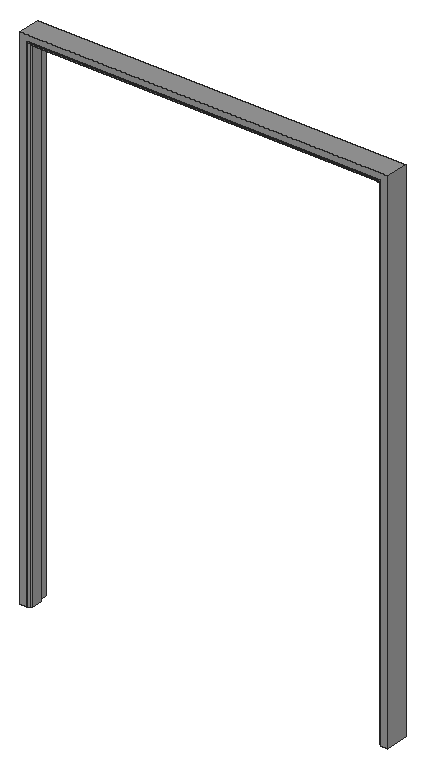
Revit family "DF1630X2320H (1706x2380mm)", category Doors, host Wall, Revit 2013
Parameters (values of type "DF1630X2320H (1706x2380mm)")
  Function = Interior
  Frame Projection Ext. = 25 mm
  Frame Projection Int. = 25 mm
  Frame Width = 75 mm
  Height = 2380 mm
  Wall Closure = By host
  Width = 1706 mm
Reference planes
  plane 1: y = 0
  plane 2 "Center (Left/Right)": x = 0
  plane 3 "Left": x = -853
  plane 4 "Right": x = 853
  plane 5: z = 2380
  plane 6 "Exterior": y = 75
  plane 7 "Interior": y = -75
Forms (mm)
  Sweep 1, solid, material "Lauan, Meranti"
    path origin (0, 75, 0) x (1, 0, 0) y (0, 0, 1)
      loop
        line (853, 0) -> (853, 2380) -> (-853, 2380) -> (-853, 0)
    profile "Van Acht 105x50 Door Frame Routed Profile (Heavy) : Van Acht 105x50 Door Frame Routed Profile (Heavy)" origin (853, 75, 1190) x (-1, 0, 0) y (0, -1, 0)
      loop
        line (0, 22.5) -> (38, 22.5) -> (38, 67.5) -> (50, 67.5) -> (50, 112.5)
        arc (50, 112.5) -> (44.957, 114.29) -> (42.17, 118.859) r 8
        line (42.17, 118.859) -> (39, 118.859)
        arc (39, 118.859) -> (35.311, 122.973) -> (30, 124.5) r 10
        line (30, 124.5) -> (30, 127.5) -> (0, 127.5) -> (0, 22.5)
Lines and regions (mm)
  Opening 1
    outline origin (-3050, -75, 0) x (1, 0, 0) y (0, 0, 1)
      loop
        line (2197, 0) -> (3903, 0) -> (3903, 2380) -> (2197, 2380) -> (2197, 0)
  symbolic lines, style "Elevation Swing"
    curve 1: line (0, -75, 1190) -> (-853, -75, 2380)
    curve 2: line (0, -75, 1190) -> (-853, -75, 0)
    curve 3: line (0, -75, 1190) -> (853, -75, 2380)
    curve 4: line (0, -75, 1190) -> (853, -75, 0)
  model lines
    curve 5: line (-815, 52.5, 0) -> (-815, 867.5, 0)
    curve 6: arc (-815, 867.5, 0) -> (-238.708, 628.792, 0) -> (0, 52.5, 0) r 815
    curve 7: line (815, 52.5, 0) -> (815, 867.5, 0)
    curve 8: arc (815, 867.5, 0) -> (238.708, 628.792, 0) -> (0, 52.5, 0) r 815
Text (mm)
  text "Exterior" at (-2295.016, 1099.543, 0), in view "Ref. Level"
  text "Exterior" at (0, 1615.38, 3698.081), in view "Left"
  text "Exterior" at (0, 1036.032, 3874.932), in view "Right"
Dimensions and locks
  equal spacing: plane 3 "Left", plane 2 "Center (Left/Right)", plane 4 "Right"
  "Width": plane 3 "Left" to plane 4 "Right"
  "Height": plane 5 to host wall
  equal spacing: host wall, curve 2, plane 5
  host wall to plane 5 = 2380 mm
  locked: plane 6 "Exterior" to host wall at 0
  locked: plane 7 "Interior" to host wall
  aligned and locked: plane 3 "Left" to Opening 1 sketch curve
  aligned and locked: plane 5 to Opening 1 sketch curve  (x2)
  aligned and locked: Opening 1 sketch curve to plane 4 "Right"
  aligned and locked: Opening 1 sketch curve to level
  aligned and locked: plane 5 to curve 1
  aligned and locked: plane 3 "Left" to curve 2
  aligned and locked: plane 1 to host wall
  aligned and locked: plane 3 "Left" to curve 1
Automatic sketch dimensions
  plane 4 "Right" to Sweep 1 sketch curve = 0 mm
  Sweep 1 sketch curve to plane 5 = 0 mm
  plane 3 "Left" to Sweep 1 sketch curve = 0 mm
  Sweep 1 sketch curve to level = 0 mm  (x2)
  curve 2 to level = 0 mm
  plane 4 "Right" to curve 2 = 853 mm
  curve 4 to plane 2 "Center (Left/Right)" = 0 mm
  level to curve 4 = 1190 mm
  curve 4 to level = 0 mm
  plane 4 "Right" to curve 4 = 0 mm
  plane 4 "Right" to curve 3 = 0 mm
  curve 3 to plane 5 = 0 mm
  curve 5 to plane 3 "Left" = 38 mm
  host wall to curve 5 = 792.5 mm
  curve 8 to plane 2 "Center (Left/Right)" = 0 mm
  curve 6 to plane 2 "Center (Left/Right)" = 0 mm
  plane 4 "Right" to curve 7 = 38 mm
  host wall to curve 7 = 792.5 mm
  curve 7 to curve 8 = 0 mm
  curve 5 to curve 6 = 0 mm
